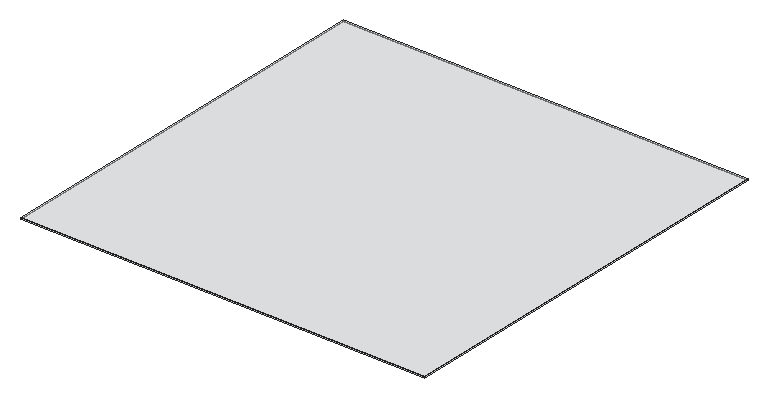
Revit family "Rvt 2016 - Panel Backing", category Electrical Equipment, host Face, Revit 2016
Family settings
  Host = Face
  Panel Configuration = Two Columns, Circuits Across
  Part Type = Panelboard
  Round Connector Dimension = Use Diameter
  Cut with Voids When Loaded = No
  Shared = No
  Room Calculation Point = No
Parameters
  Width [instance] = 2' - 2"
  Height [instance] = 2' - 2"
  Depth [instance] = 0' - 0 1/8"
  Default Elevation = 4' - 0"
Reference planes (in)
  plane 1 "Center (Front/Back)": y = 0
  plane 2: z = 0
  plane 3 "Center (Left/Right)": x = 0
  plane 4: z = 0.125
  plane 5: y = -13
  plane 6: y = 13
  plane 7: x = -13
  plane 8: x = 13
Forms (in)
  Extrusion 1, solid, material "Default Form"
    sketch origin (0, 0, 0) x (1, 0, 0) y (0, 1, 0)
      loop
        line (-13, 13) -> (-13, -13) -> (13, -13) -> (13, 13) -> (-13, 13)
    from 0 to 0.125
Dimensions and locks (in)
  "Depth": plane 2 to plane 4
  equal spacing: plane 5, plane 1 "Center (Front/Back)", plane 6
  equal spacing: plane 7, plane 3 "Center (Left/Right)", plane 8
  "Height": plane 5 to plane 6
  "Width": plane 7 to plane 8
  aligned and locked: plane 2 to host face
  aligned and locked: level to host face
  aligned and locked: Extrusion 1 to plane 2
  aligned and locked: plane 4 to Extrusion 1
  aligned and locked: plane 6 to Extrusion 1
  aligned and locked: plane 5 to Extrusion 1
  aligned and locked: Extrusion 1 to plane 8
  aligned and locked: plane 7 to Extrusion 1
Automatic sketch dimensions
  host sketch curve to host sketch curve = 8' - 0"  (x2)
  plane 1 "Center (Front/Back)" to Extrusion 1 sketch curve = 1' - 1"
  Extrusion 1 sketch curve to plane 3 "Center (Left/Right)" = 1' - 1"
  plane 3 "Center (Left/Right)" to Extrusion 1 sketch curve = 1' - 1"
  Extrusion 1 sketch curve to plane 1 "Center (Front/Back)" = 1' - 1"
